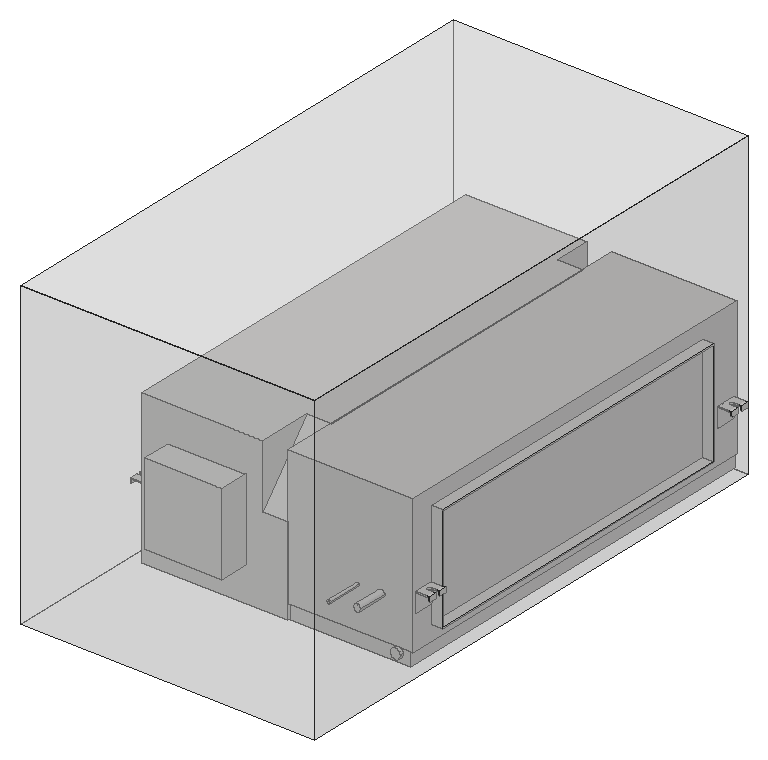
Revit family "outputfile", category 機械設備, Revit 2024
Family settings
  丸型コネクタ寸法 = 半径を使用
  パーツ タイプ = 標準
  OmniClass 番号 = 23.75.10.24.21.27.27
  OmniClass タイトル = Split System Air Conditioning Units
  作業面ベース = いいえ
  常に垂直 = はい
  ロード時にボイドで切り取り = いいえ
  注釈の向きを維持 = いいえ
  共有 = いいえ
  部屋計算ポイント = はい
Parameters (values of type "FDYQN250LBV1")
  Description = ""
  製造元 = "Daikin"
  書き出し IFC クラス(タイプ) = "IfcUnitaryEquipmentType"
  定義済み IFC タイプ(タイプ) = "AIRCONDITIONINGUNIT"
  Cost = 0
  モデル = "FDYQN250LBV1"
  Type Comments = ""
  Keynote = ""
  Type Image = (empty or 0)
  Assembly Code = ""
  switch_frequency = yes
  lw_suctionflange = 938 mm
  r_Liquid Pipe Size = Liquid Pipe Size / 2  # 4.75 mm
  r_Gas Pipe Size = Gas Pipe Size / 2  # 11.1 mm
  r_Drain Pipe Size = Drain Pipe Size / 2  # 16.35 mm
  lw_power = 48.5 mm
  lw_dischargeflange = 58 mm  # constant formula
  lh_power = 285 mm  # constant formula
  lh_mountinghole1 = lh_mountinghole + [h***]  # 225 mm
  lh_dischargeflange = 110 mm  # constant formula
  ld_power = 200 mm
  ld_dischargeflange = 70 mm  # constant formula
  connector_voltage = Voltage_50Hz  # 230 V
  connector_powerinput = if([Power Input (Cooling)] > [Power Input (Heating)], [Power Input (Cooling)], [Power Input (Heating)])  # 8.470 kW
  connector_phase = Phase_50Hz  # 1
  Voltage_comment_50Hz = "220 - 240"
  Voltage_50Hz = 230 V
  URL = ""
  Supply Air Direction [instance] = yes
  Sound Power Level_H speed (dB) = 0
  Phase_50Hz = 1
  Minimum External Static Pressure = 0.00 Pa
  Minimum Circuit Amps_50Hz = 12.9 A
  Maximum Fuse Amps_50Hz = 16.0 A
  Maximum External Static Pressure = 95.00 Pa
  Material_Casing = DAIKIN_GalvanizedSteel_Casing_indoorunit
  ld_mountinghole = 940 mm
  lh_gaspipe = 314 mm
  lh_mountinghole = 225 mm
  lh_liquidpipe = 314 mm
  lh_drainpipe = 32 mm
  lh_antena = Height - lh_mountinghole + 1 mm  # 276 mm
  ld_drainpipe = 47 mm
  ld_liquidpipe = 180 mm
  ld_gaspipe = 103 mm
  lw_mountinghole = 0 mm
  h*** = 0 mm  # constant formula
  lw_liquidpipe = 119 mm
  lw_gaspipe = 97 mm
  lw_drainpipe = 10.5 mm
  Width = 1430 mm
  Version = "ver.1.0"
  Unit Type = "DAS Duct Standard"
  Unit Mass Weight = 92.00 kg
  Unit Designation [instance] = ""
  Uniclass2015Version = "Products v1.30"
  Uniclass2015Title = "Split coil room air conditioning units"
  Uniclass2015Code = "Pr_70_65_03_86"
  Total Heating Capacity [instance] = 0.000 kW
  Total Cooling Capacity [instance] = 0.000 kW
  Sound Pressure Level_M speed (dBA) = 0
  Sound Pressure Level_L speed (dBA) = 0
  Sound Pressure Level_H speed (dBA) = 49.5
  Series = "SkyAir_Fan Coil Unit"
  Sensible Cooling Capacity [instance] = 0.000 kW
  SA Duct Size Width = 938 mm
  SA Duct Size Height = 376 mm
  Refrigerant Type = "R410A"
  RA Duct Size Width = 1118 mm
  RA Duct Size Height = 350 mm
  Power Input (Heating) = 8.470 kW
  Power Input (Cooling) = 7.850 kW
  Option Accessory 3 [instance] = ""
  Option Accessory 2 [instance] = ""
  Option Accessory 1 [instance] = ""
  Nominal Heating Capacity = 26.800 kW
  Nominal Cooling Capacity = 25.000 kW
  Minimum Airflow = 0.00 m³/h
  Median Airflow = 0.00 m³/h
  Maximum Airflow = 5040.00 m³/h
  Load Classification = HVAC
  Liquid Pipe Size = 9.5 mm
  Link_Nested Family [instance] = ""
  IfcVersion = ""
  IfcExportType = "AIRCONDITIONINGUNIT"
  IfcExportAs = "IfcUnitaryEquipmentType"
  Height = 500 mm
  Heating Entering Wet Bulb Temperature [instance] = 0.00 °C
  Heating Entering Dry Bulb Temperature [instance] = 0.00 °C
  Heating Ambient Wet Bulb Temperature [instance] = 0.00 °C
  Heating Ambient Dry Bulb Temperature [instance] = 0.00 °C
  Heat Exchanger Type = "Cross Fin Coil"
  Gas Pipe Size = 22.2 mm
  Frequency_50Hz = 50 Hz
  Fan Type = "Sirocco Fan"
  Fan Drive = "Direct Drive"
  FCU Tag No. [instance] = ""
  Drain Pipe Size = 32.7 mm
  Design Supply Airflow [instance] = 0.00 m³/h
  Design Return Airflow [instance] = 0.00 m³/h
  Design External Static Pressure [instance] = 0.00 Pa
  Depth = 970 mm
  既定の高さ = 0 mm
  Cooling Entering Wet Bulb Temperature [instance] = 0.00 °C
  Cooling Entering Dry Bulb Temperature [instance] = 0.00 °C
  Cooling Ambient Wet Bulb Temperature [instance] = 0.00 °C
  Cooling Ambient Dry Bulb Temperature [instance] = 0.00 °C
  Clearance visibility [instance] = yes
  Clearance Top = 500 mm
  Clearance Right = 0 mm
  Clearance Rear = 0 mm
  Clearance Left = 0 mm
  Clearance Front = 450 mm
  Clearance Bottom = 0 mm
Reference planes
  plane 1 "Center (Front/Back)": y = 0
  plane 2 "h": z = 0
  plane 3 "Center (Left/Right)": x = 0
  plane 4 "Back": y = 681.5
  plane 5: y = -651.5
  plane 6 "Left": x = -485
  plane 7 "Reight": x = 485
  plane 8 "Top": z = 0
  plane 9 "Bottom": z = -500
  plane 10 "ld_mountinghole1": y = 634.5
  plane 11: y = 681.5
  plane 12: y = -1101.5
  plane 13: x = -485
  plane 14: x = 485
  plane 15: z = 500
  plane 16: z = -500
  plane 17: x = 35.5
  plane 18 "ld_mountinghole2": y = -609.5
  plane 19: x = -470
  plane 20: x = 470
  plane 21: x = -445.5
  plane 22: x = 445.5
  plane 23 "Front": y = -748.5
  plane 24 "lh_mountinghole": z = -275
  plane 25: y = -434.5
  plane 26: y = -576.5
  plane 27: x = 265.5
  plane 28: x = 342.5
  plane 29: x = 398.5
  plane 30 "lh_liquidpipe": z = -314
  plane 31: z = -314
  plane 32: z = -468
  plane 33: y = -770.5
  plane 34: y = -748.5
  plane 35: y = -662
  plane 36: y = -700
  plane 37: x = -245.5
  plane 38: y = -602.5
  plane 39: z = -422
  plane 40: z = -51
  plane 41: z = -452
Forms (mm)
  Extrusion 1, solid, material "DAIKIN_GalvanizedSteel_Casing_indoorunit" <- "Material_Casing"
    sketch origin (12.25, -160, 0) x (1, 0, 0) y (0, 1, 0)
      loop
        line (23.25, 841.5) -> (23.25, -491.5) -> (433.25, -491.5) -> (433.25, 841.5) -> (23.25, 841.5)
    from -452 to 0
  Extrusion 2, solid, material "DAIKIN_GalvanizedSteel_Casing_indoorunit" <- "Material_Casing"
    sketch origin (0, 0, 0) x (1, 0, 0) y (0, 1, 0)
      loop
        line (-445.5, 681.5) -> (-445.5, -651.5) -> (35.5, -651.5) -> (35.5, 681.5) -> (-445.5, 681.5)
    from -500 to 0
  Extrusion 3, void
    sketch origin (35.5, 1196.25, 1200) x (0, -1, 0) y (0, 0, 1)
      loop
        line (1847.75, -1200) -> (1667.75, -1200) -> (1847.75, -1410) -> (1847.75, -1200)
    from 0 to 81
  Extrusion 4, void
    sketch origin (35.5, -1196.25, 1200) x (0, 1, 0) y (0, 0, -1)
      loop
        line (1877.75, 1200) -> (1877.75, 1410) -> (1757.75, 1200) -> (1877.75, 1200)
    from 0 to 81
  Extrusion 5, solid, material "DAIKIN_GalvanizedSteel_Casing_indoorunit" <- "Material_Casing"
    sketch origin (-1374.64, -651.5, 1200) x (-1, 0, 0) y (0, 0, 1)
      loop
        circle (-1640.14, -1514) r 4.75
    from 0 to -119
  Extrusion 6, solid, material "DAIKIN_GalvanizedSteel_Casing_indoorunit" <- "Material_Casing"
    sketch origin (-1374.64, -651.5, 1200) x (-1, 0, 0) y (0, 0, 1)
      loop
        circle (-1717.14, -1514) r 11.1
    from 0 to -97
  Extrusion 7, solid, material "DAIKIN_GalvanizedSteel_Casing_indoorunit" <- "Material_Casing"
    sketch origin (-1374.64, -651.5, 1200) x (-1, 0, 0) y (0, 0, 1)
      loop
        circle (-1773.14, -1668) r 16.35
    from 0 to -10.5
  Extrusion 8, solid, material "DAIKIN_GalvanizedSteel_Casing_indoorunit" <- "Material_Casing"
    sketch origin (0, 0, 0) x (1, 0, 0) y (0, 0, 1)
      loop
        line (44.5, -452) -> (44.5, -495.5) -> (439, -495.5) -> (439, -452) -> (44.5, -452)
    from -681.5 to 651.5
  Extrusion 9, solid, material "DAIKIN_GalvanizedSteel_Casing_indoorunit" <- "Material_Casing"
    sketch origin (-1374.64, -651.5, 1200) x (-1, 0, 0) y (0, 0, 1)
      loop
        line (-1017.14, -1319) -> (-1271.14, -1319) -> (-1271.14, -1587) -> (-1017.14, -1587) -> (-1017.14, -1319)
    from 0 to -97
Cuts and joins
  Extrusion 3, Extrusion 4 cuts Extrusion 1
  Extrusion 3, Extrusion 4 cuts Extrusion 2
Dimensions and locks
  "Height": plane 8 "Top" to plane 9 "Bottom"
  equal spacing: plane 6 "Left", plane 3 "Center (Left/Right)", plane 7 "Reight"
  "Clearance Left": plane 13 to plane 6 "Left"
  "Clearance Right": plane 7 "Reight" to plane 14
  "Clearance Rear": plane 11 to plane 4 "Back"
  "Clearance Front": plane 5 to plane 12
  "Clearance Top": plane 15 to plane 8 "Top"
  "Clearance Bottom": plane 9 "Bottom" to plane 16
  equal spacing: plane 19, plane 3 "Center (Left/Right)", plane 20
  "ld_mountinghole": plane 19 to plane 20
  "Depth": plane 6 "Left" to plane 7 "Reight"
  locked: plane 21 to plane 22 at 891
  equal spacing: plane 21, plane 3 "Center (Left/Right)", plane 22
  "Width": plane 4 "Back" to plane 23 "Front"
  locked: plane 4 "Back" to plane 5 at 1333
  "lh_mountinghole": plane 24 "lh_mountinghole" to plane 9 "Bottom"
  locked: plane 21 to plane 17 at 481
  locked: plane 25 to plane 5 at 217
  locked: plane 26 to plane 5 at 75
  "lh_liquidpipe": plane 8 "Top" to plane 30 "lh_liquidpipe"
  "lh_gaspipe": plane 8 "Top" to plane 31
  "lh_drainpipe": plane 32 to plane 9 "Bottom"
  "lw_liquidpipe": plane 5 to plane 33
  "lw_gaspipe": plane 5 to plane 34
  "lw_drainpipe": plane 5 to plane 35
  "lw_power": plane 5 to plane 36
  locked: plane 10 "ld_mountinghole1" to plane 4 "Back" at 47
  locked: plane 18 "ld_mountinghole2" to plane 10 "ld_mountinghole1" at 1244
  locked: plane 38 to plane 10 "ld_mountinghole1" at 1237
  nested 11 to plane 25 = 938 mm
  locked: plane 39 to plane 9 "Bottom" at 78
  nested 11 to plane 39 = 376 mm
  plane 5 to plane 23 "Front" = 97 mm
  nested 12 to plane 26 = 1118 mm
  locked: plane 8 "Top" to plane 40 at 51
  plane 40 to nested 12 = 350 mm
  locked: plane 8 "Top" to Extrusion 4 sketch curve at 210
  locked: Extrusion 4 sketch curve to plane 4 "Back" at 120
  locked: plane 8 "Top" to Extrusion 3 sketch curve at 210
  locked: plane 5 to Extrusion 3 sketch curve at 180
  locked: plane 41 to plane 9 "Bottom" at 48
  "ld_drainpipe": plane 29 to plane 22
  "ld_gaspipe": plane 28 to plane 22
  "ld_liquidpipe": plane 27 to plane 22
  "ld_power": plane 21 to plane 37
  "r_Liquid Pipe Size": radius of Extrusion 5 sketch curve
  "r_Gas Pipe Size": radius of Extrusion 6 sketch curve
  "r_Drain Pipe Size": radius of Extrusion 7 sketch curve
  aligned and locked: level to plane 2 "h"
  aligned and locked: plane 8 "Top" to Extrusion 1
  aligned and locked: plane 10 "ld_mountinghole1" to nested 2
  aligned and locked: nested 4 to plane 12
  aligned and locked: plane 13 to nested 4
  aligned and locked: plane 14 to nested 4
  aligned and locked: nested 4 to plane 13
  aligned and locked: plane 11 to nested 4
  aligned and locked: plane 15 to nested 4
  aligned and locked: plane 16 to nested 4
  aligned and locked: Extrusion 1 to plane 17
  aligned and locked: Extrusion 2 sketch curve to plane 4 "Back"
  aligned and locked: Extrusion 2 sketch curve to plane 17
  aligned and locked: plane 5 to Extrusion 2 sketch curve
  aligned and locked: nested 1 to plane 18 "ld_mountinghole2"
  aligned and locked: plane 19 to nested 7
  aligned and locked: plane 19 to nested 6
  aligned and locked: nested 5 to plane 20
  aligned and locked: nested 5 to plane 18 "ld_mountinghole2"
  aligned and locked: plane 10 "ld_mountinghole1" to nested 8
  aligned and locked: nested 8 to plane 20
  aligned and locked: nested 3 to plane 3 "Center (Left/Right)"
  aligned and locked: plane 1 "Center (Front/Back)" to nested 3
  aligned and locked: level to plane 8 "Top"
  aligned and locked: Extrusion 2 to plane 21
  aligned and locked: plane 22 to Extrusion 1
  aligned and locked: plane 4 "Back" to Extrusion 1
  aligned and locked: Extrusion 1 to plane 5
  aligned and locked: plane 8 "Top" to Extrusion 2
  aligned and locked: nested 10 to plane 21
  aligned and locked: nested 9 to plane 21
  aligned and locked: plane 22 to nested 2
  aligned and locked: plane 22 to nested 1
  aligned and locked: plane 24 "lh_mountinghole" to nested 10
  aligned and locked: plane 24 "lh_mountinghole" to nested 9
  aligned and locked: plane 24 "lh_mountinghole" to nested 2
  aligned and locked: plane 24 "lh_mountinghole" to nested 1
  aligned and locked: nested 11 to plane 21
  aligned and locked: plane 6 "Left" to nested 11
  aligned and locked: plane 25 to nested 11
  aligned and locked: plane 22 to nested 12
  aligned and locked: nested 12 to plane 7 "Reight"
  aligned and locked: plane 26 to nested 12
  aligned and locked: plane 30 "lh_liquidpipe" to Extrusion 5 sketch curve
  aligned and locked: plane 27 to Extrusion 5 sketch curve
  aligned and locked: plane 5 to Extrusion 5
  aligned and locked: Extrusion 5 to plane 33
  aligned and locked: plane 31 to Extrusion 6 sketch curve
  aligned and locked: plane 28 to Extrusion 6 sketch curve
  aligned and locked: Extrusion 6 to plane 34
  aligned and locked: plane 32 to Extrusion 7 sketch curve
  aligned and locked: plane 29 to Extrusion 7 sketch curve
  aligned and locked: plane 5 to Extrusion 6
  aligned and locked: plane 5 to Extrusion 7
  aligned and locked: Extrusion 7 to plane 35
  aligned and locked: plane 27 to nested 13
  aligned and locked: nested 13 to plane 33
  aligned and locked: nested 13 to plane 30 "lh_liquidpipe"
  aligned and locked: plane 28 to nested 14
  aligned and locked: nested 14 to plane 34
  aligned and locked: nested 14 to plane 31
  aligned and locked: plane 29 to nested 15
  aligned and locked: nested 15 to plane 35
  aligned and locked: nested 15 to plane 32
  aligned and locked: plane 10 "ld_mountinghole1" to nested 7
  aligned and locked: nested 10 to plane 10 "ld_mountinghole1"
  aligned and locked: plane 38 to nested 6
  aligned and locked: nested 9 to plane 38
  aligned and locked: nested 11 to plane 39
  aligned and locked: plane 40 to nested 12
  aligned and locked: cut or joined group of Extrusion 2, Extrusion 3, Extrusion 4 to plane 9 "Bottom"
  aligned and locked: cut or joined group of Extrusion 1, Extrusion 3, Extrusion 4 to plane 41
  aligned and locked: Extrusion 8 to plane 5
  aligned and locked: plane 5 to Extrusion 9
  aligned and locked: Extrusion 9 to plane 23 "Front"
  aligned and locked: plane 37 to nested 16
  aligned and locked: nested 16 to plane 36
  aligned and locked: Extrusion 9 to nested 16
  aligned and locked: plane 4 "Back" to Extrusion 8
Automatic sketch dimensions
  Extrusion 1 sketch curve to plane 5 = 0 mm
  Extrusion 1 sketch curve to plane 17 = 0 mm
  Extrusion 1 sketch curve to plane 22 = 0 mm
  Extrusion 1 sketch curve to plane 4 "Back" = 0 mm
  Extrusion 2 sketch curve to plane 21 = 0 mm
  Extrusion 4 sketch curve to level = 0 mm
  Extrusion 4 sketch curve to plane 4 "Back" = 0 mm
  Extrusion 3 sketch curve to level = 0 mm
  Extrusion 3 sketch curve to plane 5 = 0 mm
  plane 9 "Bottom" to Extrusion 8 sketch curve = 4.5 mm
  Extrusion 8 sketch curve to plane 41 = 0 mm
  plane 17 to Extrusion 8 sketch curve = 9 mm
  Extrusion 8 sketch curve to plane 22 = 6.5 mm
  Extrusion 9 sketch curve to plane 3 "Center (Left/Right)" = 103.5 mm
  plane 39 to Extrusion 9 sketch curve = 35 mm
  plane 21 to Extrusion 9 sketch curve = 88 mm
  Extrusion 9 sketch curve to plane 40 = 68 mm
Nested families
  nested 1: "daikin_hangerfixture_FDYQN-LBV1" at (445.5, -609.5, -275), type "daikin_hangerfixture_FDYQN-LBV1"
  nested 2: "daikin_hangerfixture_FDYQN-LBV1" at (445.5, 634.5, -275), type "daikin_hangerfixture_FDYQN-LBV1"
  nested 3: "daikin_△_symbolicline" at (0, 0, 500) x (0, -1, 0) z (0, 0, 1), built-in parameter 1001364 <- "Height", visible <- "Supply Air Direction", type "daikin_△_symbolicline"
    with length 300 mm
  nested 4: "daikin_clearancespace" at (0, -210, 0.119), visible <- "Clearance visibility", show <- "Clearance visibility", Link_Nested Family <- "Link_Nested Family", type "daikin_clearancespace"
    with width 970 mm, show yes, height 1000 mm, depth 1783 mm, Link_Nested Family ""
  nested 5: "daikin_mountinghole" at (470, -609.5, -500), l_antenna <- "lh_antena", Link_Nested Family <- "Link_Nested Family", h_mountinghole <- "lh_mountinghole1", type "daikin_mountinghole"
    with show yes, l_antenna 276 mm, h_mountinghole 225 mm, Link_Nested Family ""
  nested 6: "daikin_mountinghole" at (-470, -602.5, -500), l_antenna <- "lh_antena", Link_Nested Family <- "Link_Nested Family", h_mountinghole <- "lh_mountinghole1", type "daikin_mountinghole"
    with show yes, l_antenna 276 mm, h_mountinghole 225 mm, Link_Nested Family ""
  nested 7: "daikin_mountinghole" at (-470, 634.5, -500), h_mountinghole <- "lh_mountinghole1", l_antenna <- "lh_antena", Link_Nested Family <- "Link_Nested Family", type "daikin_mountinghole"
    with show yes, l_antenna 276 mm, h_mountinghole 225 mm, Link_Nested Family ""
  nested 8: "daikin_mountinghole" at (470, 634.5, -500), l_antenna <- "lh_antena", Link_Nested Family <- "Link_Nested Family", h_mountinghole <- "lh_mountinghole1", type "daikin_mountinghole"
    with show yes, l_antenna 276 mm, h_mountinghole 225 mm, Link_Nested Family ""
  nested 9: "daikin_hangerfixture_FDYQN-LBV1_2" at (-445.5, -602.5, -275) x (-1, 0, 0) z (0, 0, 1), type "daikin_hangerfixture_FDYQN-LBV1_2"
  nested 10: "daikin_hangerfixture_FDYQN-LBV1_2" at (-445.5, 634.5, -275) x (-1, 0, 0) z (0, 0, 1), type "daikin_hangerfixture_FDYQN-LBV1_2"
  nested 11: "daikin_ductflange_FDYQN-LBV1" at (-485, 34.5, -422) x (0, 1, 0) z (0, 0, 1), material <- "Material_Casing", type "daikin_ductflange_FDYQN-LBV1"
    with width 938 mm, material DAIKIN_GalvanizedSteel_Casing_indoorunit, height 376 mm, depth 39.5 mm
  nested 12: "daikin_ductflange_FDYQN-LBV1" at (445.5, -17.5, -401) x (0, 1, 0) z (0, 0, 1), material <- "Material_Casing", type "daikin_ductflange_FDYQN-LBV1"
    with width 1118 mm, material DAIKIN_GalvanizedSteel_Casing_indoorunit, height 350 mm, depth 39.5 mm
  nested 13: "daikin_connector_rotate2" at (265.5, -651.5, -314), length <- "lw_liquidpipe", radius <- "r_Liquid Pipe Size", type "daikin_connector_rotate2"
    with radius 4.75 mm, length 119 mm, angle_vertical 90.00°, show_face no
  nested 14: "daikin_connector_rotate2" at (342.5, -651.5, -314), length <- "lw_gaspipe", radius <- "r_Gas Pipe Size", type "daikin_connector_rotate2"
    with radius 11.1 mm, length 97 mm, angle_vertical 90.00°, show_face no
  nested 15: "daikin_connector_rotate2" at (398.5, -651.5, -468), radius <- "r_Drain Pipe Size", length <- "lw_drainpipe", type "daikin_connector_rotate2"
    with radius 16.35 mm, length 10.5 mm, angle_vertical 90.00°, show_face no
  nested 16: "daikin_connector_rotate2" at (-245.5, -700, -119) x (1, 0, 0) z (0, -1, 0), type "daikin_connector_rotate2"
    with radius 10 mm, length 268 mm, angle_vertical 90.00°, show_face no
Connectors
  hvac at (-485, 34.5, -234), driven by "SA Duct Size Height", driven by "SA Duct Size Width"
    settings: on nested 11, index 1, duct flow 0.00 m³/h, flow factor 0, pres drop 0.00 Pa, loss coef 0, conn angle 0.00°, conn width 938.0 mm, conn height 376.0 mm, conn diameter 609.6 mm, duct sys type 1, conn prof type 1, flow config 0, flow direction 2, loss method 4, conn ref index -1, conn util no, is conn primary yes, conn desc "SA Duct"
  hvac at (485, -17.5, -226), driven by "RA Duct Size Height", driven by "RA Duct Size Width"
    settings: on nested 12, index 2, duct flow 0.00 m³/h, flow factor 0, pres drop 0.00 Pa, loss coef 0, conn angle 0.00°, conn width 1118.0 mm, conn height 350.0 mm, conn diameter 609.6 mm, duct sys type 2, conn prof type 1, flow config 0, flow direction 1, loss method 4, conn ref index -1, conn util no, is conn primary no, conn desc "RA Duct"
  piping at (265.5, -770.5, -314), diameter 9.5, driven by "r_Liquid Pipe Size"
    settings: on nested 13, index 3, connector inside diameter 609.6 mm, connector length 0 mm, flow factor 0, pipe flow 0.00 m³/h, pressure drop 0.0 Pa, fitting loss kfactor 0, connector angle 0.00°, fixture units 0, engagement length 0 mm, angle of deflection 0.00°, flow configuration 1, flow direction 1, fitting loss method 0, system type 29, joint type 0, gender type 0, connector reference index -1, connector utility 0, adjustable connector no, is connector primary yes, connector description "Refrigerant Liquid Piping"
  piping at (342.5, -748.5, -314), diameter 22.2, driven by "r_Gas Pipe Size"
    settings: on nested 14, index 4, connector inside diameter 609.6 mm, connector length 0 mm, flow factor 0, pipe flow 0.00 m³/h, pressure drop 0.0 Pa, fitting loss kfactor 0, connector angle 0.00°, fixture units 0, engagement length 0 mm, angle of deflection 0.00°, flow configuration 1, flow direction 2, fitting loss method 0, system type 29, joint type 0, gender type 0, connector reference index -1, connector utility 0, adjustable connector no, is connector primary no, connector description "Refrigerant Gas Piping"
  piping at (398.5, -662, -468), diameter 32.7, driven by "r_Drain Pipe Size"
    settings: on nested 15, index 5, connector inside diameter 609.6 mm, connector length 0 mm, flow factor 0, pipe flow 0.00 m³/h, pressure drop 0.0 Pa, fitting loss kfactor 0, connector angle 0.00°, fixture units 0, engagement length 0 mm, angle of deflection 0.00°, flow configuration 1, flow direction 2, fitting loss method 4, system type 16, joint type 0, gender type 0, connector reference index -1, connector utility 0, adjustable connector no, is connector primary no, connector description "Condensate Drain Piping"
  electrical at (-245.5, -700, -387), driven by "Load Classification", driven by "connector_phase", driven by "connector_powerinput", driven by "connector_voltage"
    settings: on nested 16, index 6, voltage 230 V, apparent load 8470 VA, apparent load phase1 0 VA, apparent load phase2 0 VA, apparent load phase3 0 VA, power factor 1, load classification "HVAC", number of poles 1, system type 30, power factor state 1, is connector primary yes, connector utility no, sub classification motor no, connector description "Power Supply"
Definition of nested family "daikin_hangerfixture_FDYQN-LBV1"
  Parameters (values of type "daikin_hangerfixture_FDYQN-LBV1")
    width = 50 mm
    material = none
    height = 65 mm
    depth = 65 mm
    Default Elevation = 0 mm
  Reference planes
    plane 1 "Center (Front/Back)": y = 0
    plane 2: z = 0
    plane 3 "Center (Left/Right)": x = 0
    plane 4: y = 417.146
    plane 5: z = -3
    plane 6: z = -65
    plane 7: z = -12
    plane 8: x = 50
    plane 9: y = 32.5
    plane 10: y = -32.5
    plane 11: y = -36
    plane 12: y = 36
    plane 13: z = -65
    plane 14: x = 3
    plane 15: x = 47
  Forms (mm)
    Extrusion 1, solid, material <- "material"
      sketch origin (0, 0, 0) x (1, 0, 0) y (0, 1, 0)
        loop
          line (0, 32.5) -> (0, -32.5) -> (50, -32.5) -> (50, -7.5) -> (24.5, -7.5)
          arc (24.5, -7.5) -> (17, 0) -> (24.5, 7.5) r 7.5
          line (24.5, 7.5) -> (50, 7.5) -> (50, 32.5) -> (0, 32.5)
      from -3 to 0
    Extrusion 2, solid, material <- "material"
      sketch origin (0, 0, 0) x (0, 1, 0) y (0, 0, 1)
        loop
          line (32.5, -60.411) -> (32.5, 0) -> (-32.5, 0) -> (-32.5, -60.411)
          arc (-32.5, -60.411) -> (-31.156, -63.656) -> (-27.911, -65) r 4.589
          line (-27.911, -65) -> (27.911, -65)
          arc (27.911, -65) -> (31.156, -63.656) -> (32.5, -60.411) r 4.589
      from 0 to 3
    Extrusion 3, solid, material <- "material"
      sketch origin (0, 0, 0) x (0, 1, 0) y (0, 0, 1)
        loop
          line (-7.5, -12.007) -> (-7.5, 0) -> (-32.5, 0) -> (-32.5, -12.007)
          arc (-32.5, -12.007) -> (-31.623, -14.123) -> (-29.507, -15) r 2.993
          line (-29.507, -15) -> (-10.493, -15)
          arc (-10.493, -15) -> (-8.377, -14.123) -> (-7.5, -12.007) r 2.993
        loop
          arc (7.5, -12.007) -> (8.377, -14.123) -> (10.493, -15) r 2.993
          line (10.493, -15) -> (29.507, -15)
          arc (29.507, -15) -> (31.623, -14.123) -> (32.5, -12.007) r 2.993
          line (32.5, -12.007) -> (32.5, 0) -> (7.5, 0) -> (7.5, -12.007)
      from 50 to 47
  Cuts and joins
    joined: Extrusion 1, Extrusion 2, Extrusion 3
  Dimensions and locks
    "width": plane 3 "Center (Left/Right)" to plane 8
    "depth": plane 10 to plane 9
    equal spacing: plane 10, plane 1 "Center (Front/Back)", plane 9
    locked: plane 11 to plane 10 at 3.5
    locked: plane 9 to plane 12 at 3.5
    "height": level to plane 13
    locked: plane 14 to plane 3 "Center (Left/Right)" at 3
    plane 3 "Center (Left/Right)" to Extrusion 1 = 50 mm
    locked: plane 2 to plane 5 at 3
    locked: plane 8 to plane 15 at 3
    locked: plane 3 "Center (Left/Right)" to Extrusion 1 sketch curve at 24.5
    aligned and locked: level to plane 2
    aligned and locked: level to Extrusion 1
    aligned and locked: Extrusion 1 to plane 5
    aligned and locked: Extrusion 1 sketch curve to plane 3 "Center (Left/Right)"
    aligned and locked: Extrusion 1 sketch curve to plane 8  (x2)
    aligned and locked: level to Extrusion 2 sketch curve
    aligned and locked: plane 14 to Extrusion 2
    aligned and locked: Extrusion 3 sketch curve to level
    aligned and locked: level to Extrusion 3 sketch curve
    aligned and locked: plane 9 to Extrusion 1 sketch curve
    aligned and locked: Extrusion 1 sketch curve to plane 10
    aligned and locked: plane 13 to Extrusion 2 sketch curve
    aligned and locked: plane 8 to cut or joined group of Extrusion 1, Extrusion 2, Extrusion 3
    aligned and locked: cut or joined group of Extrusion 1, Extrusion 2, Extrusion 3 to plane 15
  Automatic sketch dimensions
    plane 9 to Extrusion 2 sketch curve = 4.589 mm
    Extrusion 2 sketch curve to plane 10 = 4.589 mm
    Extrusion 2 sketch curve to Extrusion 2 sketch curve = 4.589 mm
    Extrusion 2 sketch curve to plane 9 = 0 mm
    plane 10 to Extrusion 3 sketch curve = 0 mm
    Extrusion 3 sketch curve to plane 7 = 3 mm  (x2)
    Extrusion 3 sketch curve to plane 10 = 2.993 mm
    Extrusion 3 sketch curve to plane 7 = 0.007 mm  (x2)
    plane 1 "Center (Front/Back)" to Extrusion 3 sketch curve = 10.493 mm
    Extrusion 3 sketch curve to plane 1 "Center (Front/Back)" = 7.5 mm
    plane 9 to Extrusion 3 sketch curve = 2.993 mm
    Extrusion 3 sketch curve to plane 9 = 0 mm
    plane 1 "Center (Front/Back)" to Extrusion 1 sketch curve = 0 mm
    Extrusion 1 sketch curve to plane 1 "Center (Front/Back)" = 7.5 mm
Definition of nested family "daikin_clearancespace"
  Parameters (values of type "daikin_clearancespace")
    Description = "daikin_clearancespace"
    width [instance] = 1823.963 mm
    show [instance] = yes
    material = none
    height [instance] = 1359.762 mm
    depth [instance] = 880 mm
    Default Elevation = 0 mm
    Link_Nested Family [instance] = ""
  Reference planes
    plane 1 "Center (Front/Back)": y = 0
    plane 2 "Center (Elevation)": z = -0.119
    plane 3 "Center (Left/Right)": x = 0
    plane 4: y = 440
    plane 5: y = -440
    plane 6 "Right": x = 911.982
    plane 7 "Left": x = -911.982
    plane 8 "Top": z = 679.762
    plane 9 "Bottom": z = -680
  Forms (mm)
    Extrusion 1, solid, material <- "material", visible <- "show"
      sketch origin (0, 0, 0) x (1, 0, 0) y (0, 1, 0)
        loop
          line (-911.982, 440) -> (-911.982, -440) -> (911.982, -440) -> (911.982, 440) -> (-911.982, 440)
      from -680 to 679.762
  Lines and regions (mm)
    symbolic lines, visible <- "show"
      curve 1: line (911.982, 440, 0) -> (-911.982, 440, 0)
      curve 2: line (-911.982, 440, 0) -> (-911.982, -440, 0)
      curve 3: line (-911.982, -440, 0) -> (911.982, -440, 0)
      curve 4: line (911.982, -440, 0) -> (911.982, 440, 0)
      curve 5: line (911.982, 0, 679.762) -> (-911.982, 0, 679.762)
      curve 6: line (911.982, 0, -680) -> (911.982, 0, 679.762)
      curve 7: line (-911.982, 0, -680) -> (911.982, 0, -680)
      curve 8: line (-911.982, 0, 679.762) -> (-911.982, 0, -680)
      curve 9: line (0, 440, 679.762) -> (0, -440, 679.762)
      curve 10: line (0, -440, 679.762) -> (0, -440, -680)
      curve 11: line (0, 440, -680) -> (0, 440, 679.762)
      curve 12: line (0, -440, -680) -> (0, 440, -680)
  Dimensions and locks
    "width": plane 7 "Left" to plane 6 "Right"
    "depth": plane 4 to plane 5
    "height": plane 8 "Top" to plane 9 "Bottom"
    equal spacing: plane 7 "Left", plane 3 "Center (Left/Right)", plane 6 "Right"
    equal spacing: plane 4, plane 1 "Center (Front/Back)", plane 5
    equal spacing: plane 8 "Top", plane 2 "Center (Elevation)", plane 9 "Bottom"
    aligned and locked: level to plane 2 "Center (Elevation)"
    aligned and locked: Extrusion 1 sketch curve to plane 4
    aligned and locked: plane 7 "Left" to Extrusion 1 sketch curve
    aligned and locked: Extrusion 1 sketch curve to plane 5
    aligned and locked: Extrusion 1 sketch curve to plane 6 "Right"
    aligned and locked: plane 8 "Top" to Extrusion 1
    aligned and locked: curve 1 to Extrusion 1
    aligned and locked: curve 2 to Extrusion 1
    aligned and locked: curve 3 to Extrusion 1
    aligned and locked: curve 4 to Extrusion 1
    aligned and locked: curve 5 to Extrusion 1
    aligned and locked: curve 6 to Extrusion 1
    aligned and locked: curve 7 to Extrusion 1
    aligned and locked: curve 8 to Extrusion 1
    aligned and locked: curve 9 to Extrusion 1
    aligned and locked: curve 10 to Extrusion 1
    aligned and locked: curve 11 to Extrusion 1
    aligned and locked: curve 12 to Extrusion 1
    aligned and locked: Extrusion 1 to plane 9 "Bottom"
Definition of nested family "daikin_hangerfixture_FDYQN-LBV1_2"
  Parameters (values of type "daikin_hangerfixture_FDYQN-LBV1_2")
    width = 50 mm
    material = none
    height = 65 mm
    depth = 65 mm
    Default Elevation = 0 mm
  Reference planes
    plane 1 "Center (Front/Back)": y = 0
    plane 2: z = 0
    plane 3 "Center (Left/Right)": x = 0
    plane 4: y = 417.146
    plane 5: z = -3
    plane 6: z = -65
    plane 7: z = -12
    plane 8: x = 50
    plane 9: y = 32.5
    plane 10: y = -32.5
    plane 11: y = -36
    plane 12: y = 36
    plane 13: z = -65
    plane 14: x = 3
    plane 15: x = 47
  Forms (mm)
    Extrusion 1, solid, material <- "material"
      sketch origin (0, 0, 0) x (1, 0, 0) y (0, 1, 0)
        loop
          line (0, 32.5) -> (0, -32.5) -> (50, -32.5) -> (50, -7.5) -> (24.5, -7.5)
          arc (24.5, -7.5) -> (17, 0) -> (24.5, 7.5) r 7.5
          line (24.5, 7.5) -> (50, 7.5) -> (50, 32.5) -> (0, 32.5)
      from -3 to 0
    Extrusion 2, solid, material <- "material"
      sketch origin (0, 0, 0) x (0, 1, 0) y (0, 0, 1)
        loop
          line (32.5, -60.411) -> (32.5, 0) -> (-32.5, 0) -> (-32.5, -60.411)
          arc (-32.5, -60.411) -> (-31.156, -63.656) -> (-27.911, -65) r 4.589
          line (-27.911, -65) -> (27.911, -65)
          arc (27.911, -65) -> (31.156, -63.656) -> (32.5, -60.411) r 4.589
      from 0 to 3
    Extrusion 3, solid, material <- "material"
      sketch origin (0, 0, 0) x (0, 1, 0) y (0, 0, 1)
        loop
          line (-7.5, -12.007) -> (-7.5, 0) -> (-32.5, 0) -> (-32.5, -12.007)
          arc (-32.5, -12.007) -> (-31.623, -14.123) -> (-29.507, -15) r 2.993
          line (-29.507, -15) -> (-10.493, -15)
          arc (-10.493, -15) -> (-8.377, -14.123) -> (-7.5, -12.007) r 2.993
        loop
          arc (7.5, -12.007) -> (8.377, -14.123) -> (10.493, -15) r 2.993
          line (10.493, -15) -> (29.507, -15)
          arc (29.507, -15) -> (31.623, -14.123) -> (32.5, -12.007) r 2.993
          line (32.5, -12.007) -> (32.5, 0) -> (7.5, 0) -> (7.5, -12.007)
      from 50 to 47
  Cuts and joins
    joined: Extrusion 1, Extrusion 2, Extrusion 3
  Dimensions and locks
    "width": plane 3 "Center (Left/Right)" to plane 8
    "depth": plane 10 to plane 9
    equal spacing: plane 10, plane 1 "Center (Front/Back)", plane 9
    locked: plane 11 to plane 10 at 3.5
    locked: plane 9 to plane 12 at 3.5
    "height": level to plane 13
    locked: plane 14 to plane 3 "Center (Left/Right)" at 3
    locked: plane 2 to plane 5 at 3
    locked: plane 8 to plane 15 at 3
    locked: plane 3 "Center (Left/Right)" to Extrusion 1 sketch curve at 24.5
    aligned and locked: level to plane 2
    aligned and locked: level to Extrusion 1
    aligned and locked: Extrusion 1 to plane 5
    aligned and locked: Extrusion 1 sketch curve to plane 3 "Center (Left/Right)"
    aligned and locked: Extrusion 1 sketch curve to plane 8  (x2)
    aligned and locked: level to Extrusion 2 sketch curve
    aligned and locked: plane 14 to Extrusion 2
    aligned and locked: Extrusion 3 sketch curve to level
    aligned and locked: level to Extrusion 3 sketch curve
    aligned and locked: plane 9 to Extrusion 1 sketch curve
    aligned and locked: Extrusion 1 sketch curve to plane 10
    aligned and locked: plane 13 to Extrusion 2 sketch curve
    aligned and locked: plane 8 to cut or joined group of Extrusion 1, Extrusion 2, Extrusion 3
    aligned and locked: cut or joined group of Extrusion 1, Extrusion 2, Extrusion 3 to plane 15
  Automatic sketch dimensions
    plane 9 to Extrusion 2 sketch curve = 4.589 mm
    Extrusion 2 sketch curve to plane 10 = 4.589 mm
    Extrusion 2 sketch curve to Extrusion 2 sketch curve = 4.589 mm
    Extrusion 2 sketch curve to plane 9 = 0 mm
    plane 10 to Extrusion 3 sketch curve = 0 mm
    Extrusion 3 sketch curve to plane 7 = 3 mm  (x2)
    Extrusion 3 sketch curve to plane 10 = 2.993 mm
    Extrusion 3 sketch curve to plane 7 = 0.007 mm  (x2)
    plane 1 "Center (Front/Back)" to Extrusion 3 sketch curve = 10.493 mm
    Extrusion 3 sketch curve to plane 1 "Center (Front/Back)" = 7.5 mm
    plane 9 to Extrusion 3 sketch curve = 2.993 mm
    Extrusion 3 sketch curve to plane 9 = 0 mm
    plane 1 "Center (Front/Back)" to Extrusion 1 sketch curve = 0 mm
    Extrusion 1 sketch curve to plane 1 "Center (Front/Back)" = 7.5 mm
Definition of nested family "daikin_ductflange_FDYQN-LBV1"
  Parameters (values of type "daikin_ductflange_FDYQN-LCV1")
    width [instance] = 918 mm
    material [instance] = none
    height [instance] = 350 mm
    depth [instance] = 39.25 mm
    Default Elevation = 0 mm
  Reference planes
    plane 1 "Center (Front/Back)": y = 0
    plane 2: z = 0
    plane 3 "Center (Left/Right)": x = 0
    plane 4: y = -39.25
    plane 5: x = -459
    plane 6: x = 459
    plane 7 "Top": z = 350
    plane 8 "Center (Elevation)": z = 175
  Forms (mm)
    Extrusion 1, solid, material <- "material"
      sketch origin (0, 0, 0) x (1, 0, 0) y (0, 0, 1)
        loop
          line (-459, 350) -> (-459, 0) -> (459, 0) -> (459, 350) -> (-459, 350)
        loop
          line (-457, 348) -> (-457, 2) -> (457, 2) -> (457, 348) -> (-457, 348)
      from 0 to 39.25
  Dimensions and locks
    "height": plane 7 "Top" to plane 2
    "width": plane 5 to plane 6
    equal spacing: plane 5, plane 3 "Center (Left/Right)", plane 6
    "depth": plane 1 "Center (Front/Back)" to plane 4
    equal spacing: plane 7 "Top", plane 8 "Center (Elevation)", plane 2
    locked: plane 7 "Top" to Extrusion 1 sketch curve at 2
    locked: Extrusion 1 sketch curve to level at 2
    locked: Extrusion 1 sketch curve to plane 5 at 2
    locked: plane 6 to Extrusion 1 sketch curve at 2
    aligned and locked: level to plane 2
    aligned and locked: Extrusion 1 sketch curve to plane 7 "Top"
    aligned and locked: plane 5 to Extrusion 1 sketch curve
    aligned and locked: Extrusion 1 sketch curve to plane 6
    aligned and locked: plane 2 to Extrusion 1 sketch curve
    aligned and locked: Extrusion 1 to plane 4
Definition of nested family "daikin_△_symbolicline"
  Parameters (values of type "daikin_△_symbolicline")
    length [instance] = 200 mm
    Default Elevation = 0 mm
  Reference planes
    plane 1 "Center (Front/Back)": y = 0
    plane 2: z = 0
    plane 3 "Center (Left/Right)": x = 0
  Lines and regions (mm)
    symbolic lines
      curve 1: line (0, -173.205, 0) -> (100, 0, 0)
      curve 2: line (100, 0, 0) -> (-100, 0, 0)
      curve 3: line (-100, 0, 0) -> (0, -173.205, 0)
  Dimensions and locks
    equal spacing: curve 3, plane 3 "Center (Left/Right)", curve 2
    "length": curve 3 to curve 2
    "length": curve 3 to curve 3
    "length": curve 1 to curve 1
    aligned and locked: level to plane 2
    aligned and locked: curve 2 to plane 1 "Center (Front/Back)"
    aligned and locked: plane 3 "Center (Left/Right)" to curve 3
Definition of nested family "daikin_mountinghole"
  Parameters (values of type "daikin_mountinghole")
    Default Elevation = 1219.2 mm
    Type Comments = "mountinghole"
    show [instance] = yes
    material = none
    l_centerline = 100 mm
    l_antenna [instance] = 100 mm
    h_mountinghole [instance] = 0 mm
    d_circle = 30 mm
    Link_Nested Family [instance] = ""
  Reference planes
    plane 1 "Center (Front/Back)": y = 0
    plane 2: z = 0
    plane 3 "Center (Left/Right)": x = 0
    plane 4: y = 50
    plane 5: x = -50
    plane 6: x = 50
    plane 7: y = -50
    plane 8 "h_mountinghole": z = 0
    plane 9: z = 100
  Lines and regions (mm)
    model lines, detail levels fine
      curve 1: circle (0, 0, 0) r 15 normal (0, 0, 1)
      curve 2: line (-50, 0, 0) -> (50, 0, 0)
      curve 3: line (0, 50, 0) -> (0, -50, 0)
    symbolic lines, detail levels fine
      curve 4: circle (0, 0, 0) r 15 normal (0, 0, 1)
      curve 5: line (-50, 0, 0) -> (50, 0, 0)
      curve 6: line (0, 50, 0) -> (0, -50, 0)
    model lines
      curve 7: line (0, 0, 100) -> (0, 0, 0)
  Dimensions and locks
    equal spacing: plane 4, plane 1 "Center (Front/Back)", plane 7
    "l_centerline": plane 4 to plane 7
    equal spacing: plane 5, plane 3 "Center (Left/Right)", plane 6
    "l_centerline": plane 5 to plane 6
    "l_antenna": plane 9 to plane 8 "h_mountinghole"
    "h_mountinghole": plane 8 "h_mountinghole" to plane 2
    "d_circle": diameter of curve 1
    "d_circle": diameter of curve 4
    aligned and locked: level to plane 2
    aligned and locked: plane 1 "Center (Front/Back)" to curve 1
    aligned and locked: plane 3 "Center (Left/Right)" to curve 1
    aligned and locked: plane 1 "Center (Front/Back)" to curve 2
    aligned and locked: curve 3 to plane 3 "Center (Left/Right)"
    aligned and locked: plane 6 to curve 2
    aligned and locked: plane 5 to curve 2
    aligned and locked: plane 4 to curve 3
    aligned and locked: plane 7 to curve 3
    aligned and locked: plane 1 "Center (Front/Back)" to curve 4
    aligned and locked: plane 3 "Center (Left/Right)" to curve 4
    aligned and locked: plane 6 to curve 5
    aligned and locked: plane 5 to curve 5
    aligned and locked: plane 1 "Center (Front/Back)" to curve 5
    aligned and locked: plane 4 to curve 6
    aligned and locked: plane 7 to curve 6
    aligned and locked: curve 6 to plane 3 "Center (Left/Right)"
    aligned and locked: curve 7 to plane 3 "Center (Left/Right)"
    aligned and locked: plane 9 to curve 7
    aligned and locked: plane 8 "h_mountinghole" to curve 7
Definition of nested family "daikin_connector_rotate2"
  Parameters (values of type "daikin_connector_rotate2")
    show_face = yes
    radius [instance] = 10 mm
    length [instance] = 600 mm
    d_surface = 10 mm
    angle_vertical [instance] = 90.00°
    Default Elevation = 0 mm
  Reference planes
    plane 1 "Center (Front/Back)": y = 0
    plane 2: z = 0
    plane 3 "Center (Left/Right)": x = 0
  Forms (mm)
    Extrusion 1, solid, visible <- "show_face"
      sketch origin (0, -600, 0) x (1, 0, 0) y (0, 0, 1)
        loop
          circle (0, 0) r 10
      from 0 to -10
  Lines and regions (mm)
    reference lines
      curve 1: line (0, 0, 0) -> (0, -600, 0)
    symbolic lines
      curve 2: circle (0, 0, 0) r 5 normal (0, 0, 1)
    model lines, visible <- "show_face"
      curve 3: line (0, 0, 0) -> (0, -600, 0)
  Dimensions and locks
    "length": curve 1 to curve 1
    "length": curve 3 to curve 3
    "d_surface": Extrusion 1 to Extrusion 1
    "radius": radius of Extrusion 1 sketch curve
    "angle_vertical": angle curve 1 to plane 1 "Center (Front/Back)"
    "angle_vertical": angle curve 3 to plane 1 "Center (Front/Back)"
    aligned and locked: level to plane 2
    aligned and locked: plane 1 "Center (Front/Back)" to curve 1
    aligned and locked: plane 2 to curve 1
    aligned and locked: plane 1 "Center (Front/Back)" to curve 2
    aligned and locked: plane 3 "Center (Left/Right)" to curve 2
    aligned and locked: plane 1 "Center (Front/Back)" to curve 3
    aligned and locked: plane 2 to curve 3
    aligned and locked: Extrusion 1 to Extrusion 1
  Automatic sketch dimensions
    Extrusion 1 sketch curve to level = 0 mm
    Extrusion 1 sketch curve to plane 3 "Center (Left/Right)" = 0 mm
    radius of curve 2 = 5 mm
